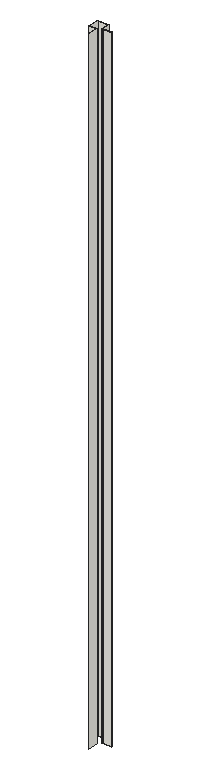
Revit family "Steni - Corner - Profile CP 15-18-33", category Generic Models, Revit 2014
Parameters (values of type "Anodized 15µ")
  URL = "http://bimobject.com/steni/product/steniprofiles_corner"
  Product family = "Steni Profiles"
  Model = "CP 15-18-33"
  Material main = Steni Aluminium Profile White S0502-Y
  Manufacturer = "www.steni.com"
  Height [instance] = 1000 mm
  Description = "Aluminium profile for Steni facade systems"
Types (3, lengths in mm): name | Material main
  Anodized 15µ | Steni Aluminium Profile White S0502-Y
  S 0502-Y White | Steni Aluminium Profile White S0502-Y
  RAL 9005 Black | Steni Aluminium Profile Black RAL9005
Reference planes
  plane 1 "Center (Front/Back)": y = 0
  plane 2: z = 0
  plane 3 "Center (Left/Right)": x = 0
Forms (mm)
  Extrusion 1, solid, material "Steni Aluminium Profile White S0502-Y" <- "Material main"
    sketch origin (112.614, 128.552, 0) x (1, 0, 0) y (0, 1, 0)
      loop
        line (-112.814, -148.053) -> (-112.814, -132.541) -> (-124.798, -132.541) -> (-124.798, -116.422) -> (-108.92, -116.422) -> (-108.92, -128.357) -> (-93.331, -128.357) -> (-93.331, -127.26) -> (-107.814, -127.26) -> (-107.814, -115.514) -> (-125.814, -115.514) -> (-125.814, -133.514) -> (-113.959, -133.514) -> (-113.959, -148.053) -> (-112.814, -148.053)
    from 0 to 1000
Dimensions and locks
  "Height": Extrusion 1 to Extrusion 1
  aligned and locked: level to plane 2
Automatic sketch dimensions
  Extrusion 1 sketch curve to plane 3 "Center (Left/Right)" = 13.2 mm
  Extrusion 1 sketch curve to plane 3 "Center (Left/Right)" = 0.2 mm
  plane 1 "Center (Front/Back)" to Extrusion 1 sketch curve = 19.501 mm
  Extrusion 1 sketch curve to Extrusion 1 sketch curve = 1.016 mm
  Extrusion 1 sketch curve to plane 3 "Center (Left/Right)" = 1.345 mm
  Extrusion 1 sketch curve to plane 1 "Center (Front/Back)" = 0.195 mm
  plane 3 "Center (Left/Right)" to Extrusion 1 sketch curve = 3.694 mm
  Extrusion 1 sketch curve to Extrusion 1 sketch curve = 1.106 mm
  Extrusion 1 sketch curve to plane 1 "Center (Front/Back)" = 1.292 mm
  Extrusion 1 sketch curve to Extrusion 1 sketch curve = 14.483 mm
  plane 1 "Center (Front/Back)" to Extrusion 1 sketch curve = 4.962 mm
  Extrusion 1 sketch curve to Extrusion 1 sketch curve = 0.974 mm
  Extrusion 1 sketch curve to plane 1 "Center (Front/Back)" = 12.13 mm
  Extrusion 1 sketch curve to Extrusion 1 sketch curve = 0.908 mm
